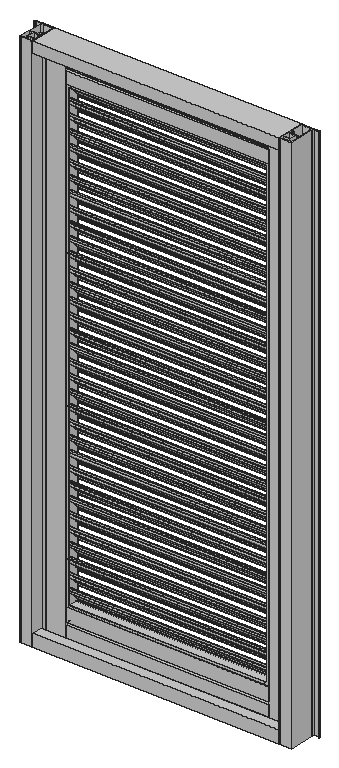
Revit family "DC_Holyoake_LouvreDoor_OHL_withOHL-F-45_13", category Doors, host Wall, Revit 2014
Parameters (values of type "OHL-Louver Door")
  Width = Opening Width - 10.00 mm  # 990.00 mm
  URL = "http://www.productspec.net/products/18508/holyoake-industries-ltd/louver-door-ohl-louver-door.aspx"
  Type Comments = "Louvre Door System"  # constant formula
  Tolerance = 3.00 mm  # constant formula
  Thickness = Door Post Depth  # 47.00 mm
  Technical Data = "http://www.productspec.net/products/18508/holyoake-industries-ltd/louver-door-ohl-louver-door.aspx"
  Structural Tolerance = 5.00 mm  # constant formula
  Rough Width = Width  # 990.00 mm
  Rough Height = Height  # 1980.00 mm
  Overall Width = Opening Width + 40.00 mm  # 1040.00 mm
  Opening Width = 1000.00 mm
  Model = "OHL - Louvre Door"  # constant formula
  Material Frame = Louver Door - Holyoake - Frame, Aluminium
  Material Handle = Louver Door - Holyoake - Handle, Stainless Steel
  Manufacturer = "Holyoake Industries Ltd"  # constant formula
  Louvre Width = Width - 2 * (Door Jamb Width + Door Post Width + 2 * Tolerance)  # 735.00 mm
  Louvre Offset = Frame Transom Width + Structural Tolerance + Door Transom Width  # 136.00 mm
  Louvre Height = Height - 2 * Louvre Offset  # 1708.00 mm
  Louvre Door Panel Width = Width - 2 * (Door Jamb Width + Tolerance)  # 895.00 mm
  Lock = "Standard Lockwood Set"  # constant formula
  Wall Closure = By host
  Height = 1980.00 mm
  Handle Z Distance = 900.00 mm
  Function = Interior
  Front of Door = "Rubber seal on the closing face"  # constant formula
  Frame Transom Width = 20.00 mm  # constant formula
  Flange Width = 25.00 mm  # constant formula
  Door Transom Width = 111.00 mm  # constant formula
  Door Post Width = 77.00 mm  # constant formula
  Door Post Depth = 47.00 mm  # constant formula
  Door Jamb Width = 44.50 mm  # constant formula
  Door Jamb Depth = 101.00 mm  # constant formula
  Door Hinge = "Stainless Steel"  # constant formula
  Door Handle Offset = Overall Width - Flange Width - Door Jamb Width - 3 * Tolerance - Door Post Width - Louvre Width - 49.05 mm  # 100.45 mm
  Description = "Holyoake Louvre Door System"  # constant formula
  Created By = "Productspec Ltd"  # constant formula
  Construction Type = "Extruded aluminium box section to provide the strength required to hang a large louvre door"  # constant formula
  Author = "Zinder Zhao"  # constant formula
Reference planes
  plane 1: y = 0
  plane 2 "Center (Left/Right)": x = 11
  plane 3 "Exterior": y = 75
  plane 4 "Interior": y = -75
  plane 5 "Opening Top": z = 1980
  plane 6 "Structural Tolerance - Door Head": z = 1955
  plane 7 "Under Cut": z = 0
  plane 8: y = 33
  plane 9: z = 990
  plane 10: z = 1960
  plane 11: z = 20
  plane 12: z = 136
  plane 13: z = 1844
  plane 14: z = 25
  plane 15: x = -489
  plane 16: x = 511
  plane 17: x = -484
  plane 18: y = -21
  plane 19: x = -439.5
  plane 20: x = -359.5
  plane 21: x = -509
  plane 22: x = 506
  plane 23: x = 461.5
  plane 24: x = 381.5
  plane 25: x = 531
  plane 26: y = 975
  plane 27: x = -356.5
  plane 28: x = 378.5
  plane 29: x = -436.5
  plane 30: x = 458.5
  plane 31 "Door Panel": y = 80
  plane 32: x = 430.55
  plane 33: y = 1075
  plane 34: z = 900
Forms (mm)
  Extrusion 1, solid, material "Louver Door - Holyoake - Frame, Aluminium" <- "Material Frame"
    sketch origin (11, -3, 0) x (0, -1, 0) y (0, 0, -1)
      loop
        line (-83, -1980) -> (18, -1980) -> (18, -1939.95) -> (-18.4, -1939.95) -> (-18.4, -1960) -> (-83, -1960) -> (-83, -1980)
      loop
        line (-83, 0) -> (-83, -20) -> (-18.4, -20) -> (-18.4, -45.05) -> (18, -45.05) -> (18, 0) -> (-83, 0)
    from -450.5 to 450.5
  Extrusion 2, solid, material "Louver Door - Holyoake - Frame, Aluminium" <- "Material Frame", detail levels fine
    sketch origin (0, 3, 0) x (1, 0, 0) y (0, 1, 0)
      loop
        line (458.5, 30) -> (458.5, 77) -> (459.593, 83.077)
        arc (459.593, 83.077) -> (460.307, 84.147) -> (461.526, 84.561) r 2.001
        line (461.526, 84.561) -> (462.853, 84.561) -> (462.853, 77) -> (468.011, 77) -> (468.011, 84.561) -> (469.34, 84.561) -> (469.34, 88.277) -> (460.45, 88.277)
        arc (460.45, 88.277) -> (459.232, 87.864) -> (458.517, 86.796) r 2.002
        line (458.517, 86.796) -> (456.827, 78.484)
        arc (456.827, 78.484) -> (456.112, 77.414) -> (454.893, 77) r 2.002
        line (454.893, 77) -> (381.5, 77) -> (381.5, 74) -> (383, 74) -> (383, 66) -> (381.5, 66) -> (381.5, 41) -> (383, 41) -> (383, 33) -> (381.5, 33) -> (381.5, 30) -> (458.5, 30)
      loop
        line (456.5, 32) -> (456.5, 75) -> (385, 75) -> (385, 64) -> (383.5, 64) -> (383.5, 43) -> (385, 43) -> (385, 32) -> (456.5, 32)
    from 25 to 1955
  Extrusion 3, solid, material "Louver Door - Holyoake - Frame, Aluminium" <- "Material Frame", detail levels fine
    sketch origin (11, 0, 0) x (0, -1, 0) y (0, 0, -1)
      loop
        line (-73, -1955) -> (-73, -1945) -> (-30.5, -1945) -> (-30.5, -1898.46) -> (-43.33, -1898.46) -> (-43.33, -1892)
        arc (-43.33, -1892) -> (-42.451, -1889.879) -> (-40.33, -1889) r 3
        line (-40.33, -1889) -> (-30.5, -1889) -> (-30.5, -1844) -> (-71.997, -1844) -> (-71.997, -1847) -> (-75, -1847) -> (-75, -1844) -> (-77, -1844) -> (-77, -1849) -> (-71.997, -1849) -> (-71.997, -1857) -> (-75, -1857) -> (-75, -1955) -> (-73, -1955)
      loop
        line (-32.5, -1943) -> (-32.5, -1926.46) -> (-59.81, -1926.46) -> (-59.81, -1900.46) -> (-73, -1900.46) -> (-73, -1943) -> (-32.5, -1943)
      loop
        line (-32.5, -1887) -> (-32.5, -1846) -> (-70, -1846) -> (-70, -1858.98) -> (-73, -1858.98) -> (-73, -1898.46) -> (-45.33, -1898.46) -> (-45.33, -1892)
        arc (-45.33, -1892) -> (-43.866, -1888.464) -> (-40.33, -1887) r 5
        line (-40.33, -1887) -> (-32.5, -1887)
      loop
        line (-32.5, -1900.46) -> (-57.81, -1900.46) -> (-57.81, -1924.46) -> (-32.5, -1924.46) -> (-32.5, -1900.46)
      loop
        line (-73, -25) -> (-75, -25) -> (-75, -123) -> (-71.997, -123) -> (-71.997, -131) -> (-77, -131) -> (-77, -136) -> (-75, -136) -> (-75, -133) -> (-71.997, -133) -> (-71.997, -136) -> (-30.5, -136) -> (-30.5, -86) -> (-40.33, -86)
        arc (-40.33, -86) -> (-42.451, -85.121) -> (-43.33, -83) r 3
        line (-43.33, -83) -> (-43.33, -76.54) -> (-30.5, -76.54) -> (-30.5, -35) -> (-73, -35) -> (-73, -25)
      loop
        line (-32.5, -37) -> (-73, -37) -> (-73, -74.54) -> (-59.81, -74.54) -> (-59.81, -48.54) -> (-32.5, -48.54) -> (-32.5, -37)
      loop
        line (-32.5, -88) -> (-40.33, -88)
        arc (-40.33, -88) -> (-43.866, -86.536) -> (-45.33, -83) r 5
        line (-45.33, -83) -> (-45.33, -76.54) -> (-73, -76.54) -> (-73, -121.02) -> (-70, -121.02) -> (-70, -134) -> (-32.5, -134) -> (-32.5, -88)
      loop
        line (-32.5, -74.54) -> (-32.5, -50.54) -> (-57.81, -50.54) -> (-57.81, -74.54) -> (-32.5, -74.54)
    from -370.5 to 370.5
  Sweep 4, solid, material "Louver Door - Holyoake - Frame, Aluminium" <- "Material Frame", detail levels fine
    path origin (0, 80, 0) x (-1, 0, 0) y (0, 0, 1)
      loop
        line (-506, 0) -> (-506, 1980)
    profile "Family1 : Family1" origin (506, 80, 990) x (-1, 0, 0) y (0, -1, 0)
      loop
        line (42.5, 61.46) -> (42.5, 85.46) -> (17.19, 85.46) -> (17.19, 61.46) -> (42.5, 61.46)
      loop
        line (42.5, 48) -> (34.67, 48)
        arc (34.67, 48) -> (31.134, 49.464) -> (29.67, 53) r 5
        line (29.67, 53) -> (29.67, 59.46) -> (2, 59.46) -> (2, 14.98) -> (5, 14.98) -> (5, 2) -> (42.5, 2) -> (42.5, 48)
      loop
        line (42.5, 99) -> (2, 99) -> (2, 61.46) -> (15.19, 61.46) -> (15.19, 87.46) -> (42.5, 87.46) -> (42.5, 99)
      loop
        line (0, 101) -> (0, 13) -> (3.003, 13) -> (3.003, 5) -> (-2, 5) -> (-2, 2) -> (-20.172, 2) -> (-22.172, 4) -> (-22.172, 5) -> (-25, 5) -> (-25, 4) -> (-21, 0) -> (0, 0) -> (0, 3) -> (3.003, 3) -> (3.003, 0) -> (44.5, 0) -> (44.5, 50) -> (34.67, 50)
        arc (34.67, 50) -> (32.549, 50.879) -> (31.67, 53) r 3
        line (31.67, 53) -> (31.67, 59.46) -> (44.5, 59.46) -> (44.5, 101) -> (0, 101)
  Sweep 5, solid, material "Louver Door - Holyoake - Frame, Aluminium", detail levels fine
    path origin (0, 80, 0) x (-1, 0, 0) y (0, 0, 1)
      loop
        line (484, 0) -> (484, 1980)
    profile "Family1 : Family1" origin (-484, 80, 990) x (-1, 0, 0) y (0, -1, 0)
      loop
        line (-42.5, 61.46) -> (-17.19, 61.46) -> (-17.19, 85.46) -> (-42.5, 85.46) -> (-42.5, 61.46)
      loop
        line (-42.5, 48) -> (-42.5, 2) -> (-5, 2) -> (-5, 14.98) -> (-2, 14.98) -> (-2, 59.46) -> (-29.67, 59.46) -> (-29.67, 53)
        arc (-29.67, 53) -> (-31.134, 49.464) -> (-34.67, 48) r 5
        line (-34.67, 48) -> (-42.5, 48)
      loop
        line (-42.5, 99) -> (-42.5, 87.46) -> (-15.19, 87.46) -> (-15.19, 61.46) -> (-2, 61.46) -> (-2, 99) -> (-42.5, 99)
      loop
        line (0, 101) -> (-44.5, 101) -> (-44.5, 59.46) -> (-31.67, 59.46) -> (-31.67, 53)
        arc (-31.67, 53) -> (-32.549, 50.879) -> (-34.67, 50) r 3
        line (-34.67, 50) -> (-44.5, 50) -> (-44.5, 0) -> (-3.003, 0) -> (-3.003, 3) -> (0, 3) -> (0, 0) -> (21, 0) -> (25, 4) -> (25, 5) -> (22.172, 5) -> (22.172, 4) -> (20.172, 2) -> (2, 2) -> (2, 5) -> (-3.003, 5) -> (-3.003, 13) -> (0, 13) -> (0, 101)
  Extrusion 6, solid, material "Louver Door - Holyoake - Frame, Aluminium" <- "Material Frame", detail levels fine
    sketch origin (22, 3, 0) x (-1, 0, 0) y (0, -1, 0)
      loop
        line (454.893, -30) -> (381.5, -30) -> (381.5, -33) -> (383, -33) -> (383, -41) -> (381.5, -41) -> (381.5, -66) -> (383, -66) -> (383, -74) -> (381.5, -74) -> (381.5, -77) -> (458.5, -77) -> (458.5, -30) -> (459.593, -23.923)
        arc (459.593, -23.923) -> (460.307, -22.853) -> (461.526, -22.439) r 2.001
        line (461.526, -22.439) -> (464.183, -22.439) -> (464.183, -21.439) -> (462.853, -21.439) -> (462.853, -19.723) -> (468.013, -19.723) -> (468.013, -21.439) -> (466.683, -21.439) -> (466.683, -22.439) -> (469.34, -22.439) -> (469.34, -18.723) -> (460.45, -18.723)
        arc (460.45, -18.723) -> (459.232, -19.136) -> (458.517, -20.204) r 2.002
        line (458.517, -20.204) -> (456.827, -28.516)
        arc (456.827, -28.516) -> (456.112, -29.586) -> (454.893, -30) r 2.002
      loop
        line (456.5, -32) -> (385, -32) -> (385, -43) -> (383.5, -43) -> (383.5, -64) -> (385, -64) -> (385, -75) -> (456.5, -75) -> (456.5, -32)
    from 25 to 1955
  Extrusion 7, solid, material "Louver Door - Holyoake - Frame, Aluminium", detail levels coarse+medium
    sketch origin (0, 0, 0) x (1, 0, 0) y (0, 1, 0)
      loop
        line (-439.5, 30.5) -> (461.5, 30.5) -> (461.5, 80) -> (-439.5, 80) -> (-439.5, 30.5)
    from 25 to 1955
  Extrusion 8, solid, material "Louver Door - Holyoake - Frame, Aluminium", detail levels coarse+medium
    sketch origin (0, 0, 0) x (1, 0, 0) y (0, 1, 0)
      loop
        line (-489, -21) -> (-439.5, -21) -> (-439.5, 80) -> (-489, 80) -> (-489, -21)
      loop
        line (461.5, -21) -> (511, -21) -> (511, 80) -> (461.5, 80) -> (461.5, -21)
    from 0 to 1980
Lines and regions (mm)
  Opening 1
    outline origin (-5000, -75, 0) x (1, 0, 0) y (0, 0, 1)
      loop
        line (4511, 0) -> (5511, 0) -> (5511, 1980) -> (4511, 1980) -> (4511, 0)
  Masking region 1, detail levels coarse
    outline origin (0, 0, 0) x (0, -1, 0) y (1, 0, 0)
      loop
        line (75, 511) -> (-80, 511) -> (-80, -489) -> (75, -489) -> (75, 511)
  model lines
    curve 1: line (-484, 75, 0) -> (-484, 75, 1955)
    curve 2: line (506, 75, 1955) -> (506, 75, 0)
  symbolic lines, style "Elevation Swing", detail levels coarse
    curve 3: arc (458.5, 80, 0) -> (196.361, 712.861, 0) -> (-436.5, 975, 0) r 895
  symbolic lines, style "DoorsPanelProjection", detail levels medium+fine
    curve 4: line (-436.5, 975, 0) -> (-436.5, 80, 0)
    curve 7: line (-436.5, 80, 0) -> (-386.9, 80, 0)
    curve 8: line (-386.9, 80, 0) -> (-386.9, 975, 0)
    curve 9: line (-386.9, 975, 0) -> (-436.5, 975, 0)
  symbolic lines, style "Plan Swing", detail levels coarse
    curve 5: line (-489, 75, 0) -> (-489, 1075, 0)
    curve 6: arc (511, 75, 0) -> (218.107, 782.107, 0) -> (-489, 1075, 0) r 1000
  symbolic lines, style "Elevation Swing"
    curve 10: line (458.517, 80, 1955) -> (-356.5, 80, 990)
    curve 11: line (458.517, 80, 25) -> (-356.5, 80, 990)
Text (mm)
  text "Exterior" at (-2302.997, 772.319, 0), in view "Ref. Level"
  text "Exterior" at (0, 1615.38, 3698.081), in view "Left"
  text "Exterior" at (0, 1036.032, 3874.932), in view "Right"
Dimensions and locks
  locked: plane 3 "Exterior" to host wall at 0
  locked: host wall to plane 4 "Interior"
  "Height": plane 5 "Opening Top" to level
  equal spacing: plane 5 "Opening Top", plane 9, level
  "Structural Tolerance": plane 10 to plane 6 "Structural Tolerance - Door Head"
  "Structural Tolerance": plane 14 to plane 11
  "Door Transom Width": plane 12 to plane 14
  "Door Transom Width": plane 6 "Structural Tolerance - Door Head" to plane 13
  "Frame Transom Width": plane 11 to plane 7 "Under Cut"
  "Louvre Height": plane 13 to plane 12
  "Structural Tolerance": plane 15 to plane 17
  "Width": plane 17 to plane 22
  "Opening Width": plane 15 to plane 16
  "Overall Width": plane 21 to plane 25
  "Flange Width": plane 21 to plane 17
  "Tolerance": plane 20 to plane 27
  "Tolerance": plane 28 to plane 24
  "Tolerance": plane 19 to plane 29
  "Tolerance": plane 30 to plane 23
  equal spacing: plane 27, plane 2 "Center (Left/Right)", plane 28
  "Louvre Width": plane 27 to plane 28
  "Door Post Width": plane 24 to plane 30
  "Door Post Width": plane 29 to plane 20
  "Door Jamb Depth": plane 18 to plane 31 "Door Panel"
  "Door Jamb Width": plane 17 to plane 19
  "Louvre Door Panel Width": plane 31 "Door Panel" to plane 26
  "Door Handle Offset": plane 32 to plane 25
  "Opening Width": plane 33 to host wall
  "Handle Z Distance": plane 7 "Under Cut" to plane 34
  locked: plane 3 "Exterior" to plane 31 "Door Panel" at 5
  "Door Post Depth": plane 8 to plane 31 "Door Panel"
  "Louvre Door Panel Width": radius of curve 3
  "Opening Width": radius of curve 6
  aligned and locked: plane 1 to host wall
  aligned and locked: level to plane 7 "Under Cut"
  aligned and locked: nested 1 to plane 31 "Door Panel"
  aligned and locked: Extrusion 2 to plane 30
  aligned and locked: plane 24 to Extrusion 2
  aligned and locked: plane 31 "Door Panel" to Extrusion 2
  aligned and locked: nested 1 to plane 32
  aligned and locked: plane 23 to Extrusion 1
  aligned and locked: plane 19 to Extrusion 1
  aligned and locked: Extrusion 1 sketch curve to plane 18
  aligned and locked: plane 31 "Door Panel" to Extrusion 1 sketch curve
  aligned and locked: Extrusion 1 sketch curve to plane 31 "Door Panel"
  aligned and locked: plane 18 to Extrusion 1 sketch curve
  aligned and locked: Extrusion 3 to plane 20
  aligned and locked: Extrusion 3 to plane 24
  aligned and locked: Masking region 1 sketch curve to Extrusion 1
  aligned and locked: plane 6 "Structural Tolerance - Door Head" to Extrusion 2
  aligned and locked: plane 34 to nested 1
  aligned and locked: plane 8 to Extrusion 2
  aligned and locked: plane 22 to Sweep 4 sketch curve
  aligned and locked: Sweep 5 sketch curve to plane 17
  aligned and locked: plane 5 "Opening Top" to Sweep 5 sketch curve
  aligned and locked: level to Sweep 5 sketch curve
  aligned and locked: plane 5 "Opening Top" to Sweep 4 sketch curve
  aligned and locked: level to Sweep 4 sketch curve
  aligned and locked: Extrusion 2 to plane 14
  aligned and locked: Extrusion 7 sketch curve to plane 31 "Door Panel"
  aligned and locked: Masking region 1 to plane 15
  aligned and locked: plane 16 to Masking region 1
  aligned and locked: Extrusion 7 sketch curve to plane 19
  aligned and locked: Extrusion 7 sketch curve to plane 23
  aligned and locked: plane 18 to Extrusion 8 sketch curve  (x2)
  aligned and locked: plane 19 to Extrusion 8 sketch curve
  aligned and locked: Extrusion 8 sketch curve to plane 31 "Door Panel"  (x2)
  aligned and locked: plane 23 to Extrusion 8 sketch curve
  aligned and locked: Extrusion 8 to level
  aligned and locked: plane 5 "Opening Top" to Extrusion 8
  aligned and locked: host wall to Masking region 1
  aligned and locked: Extrusion 8 sketch curve to plane 15
  aligned and locked: plane 16 to Extrusion 8 sketch curve
  aligned and locked: Extrusion 7 to plane 14
  aligned and locked: plane 6 "Structural Tolerance - Door Head" to Extrusion 7
  aligned and locked: Extrusion 7 sketch curve to Extrusion 3
  aligned and locked: plane 6 "Structural Tolerance - Door Head" to Extrusion 6
Automatic sketch dimensions
  curve 5 to host wall = 0.00 mm
  curve 5 to plane 15 = 0.00 mm
  curve 4 to plane 26 = 0.00 mm
  curve 4 to plane 29 = 0.00 mm
  curve 7 to plane 31 "Door Panel" = 0.00 mm
  curve 6 to host wall = 0.00 mm
  plane 20 to curve 7 = 27.40 mm
  Opening 1 sketch curve to plane 5 "Opening Top" = 0.00 mm
  Opening 1 sketch curve to plane 15 = 0.00 mm
  Opening 1 sketch curve to plane 16 = 0.00 mm
  Opening 1 sketch curve to level = 0.00 mm
  Extrusion 1 sketch curve to plane 10 = 0.00 mm
  Extrusion 1 sketch curve to plane 11 = 0.00 mm
  Extrusion 1 sketch curve to level = 0.00 mm
  Extrusion 1 sketch curve to plane 5 "Opening Top" = 0.00 mm
  host wall to Extrusion 1 sketch curve = 15.40 mm  (x2)
  Extrusion 1 sketch curve to plane 14 = 20.05 mm
  plane 6 "Structural Tolerance - Door Head" to Extrusion 1 sketch curve = 15.05 mm
  Extrusion 2 sketch curve to plane 24 = 0.00 mm  (x3)
  Extrusion 2 sketch curve to plane 8 = 0.00 mm
  Extrusion 2 sketch curve to plane 31 "Door Panel" = 0.00 mm  (x3)
  Extrusion 2 sketch curve to plane 30 = 0.00 mm
  Extrusion 2 sketch curve to Extrusion 2 sketch curve = 1.50 mm  (x3)
  Extrusion 2 sketch curve to plane 24 = 2.00 mm
  Extrusion 2 sketch curve to Extrusion 2 sketch curve = 2.00 mm  (x3)
  plane 30 to Extrusion 2 sketch curve = 3.607 mm
  plane 30 to Extrusion 2 sketch curve = 2.00 mm
  plane 30 to Extrusion 2 sketch curve = 1.673 mm
  Extrusion 2 sketch curve to plane 30 = 0.017 mm
  Extrusion 2 sketch curve to plane 30 = 1.093 mm
  Extrusion 2 sketch curve to plane 23 = 1.05 mm
  plane 23 to Extrusion 2 sketch curve = 0.026 mm
  Extrusion 2 sketch curve to Extrusion 2 sketch curve = 1.327 mm
  Extrusion 2 sketch curve to Extrusion 2 sketch curve = 5.158 mm
  Extrusion 2 sketch curve to Extrusion 2 sketch curve = 1.328 mm
  plane 31 "Door Panel" to Extrusion 2 sketch curve = 1.484 mm
  plane 31 "Door Panel" to Extrusion 2 sketch curve = 5.559 mm
  Extrusion 2 sketch curve to Extrusion 2 sketch curve = 0.517 mm
  Extrusion 2 sketch curve to Extrusion 2 sketch curve = 0.00 mm
  Extrusion 2 sketch curve to Extrusion 2 sketch curve = 1.714 mm
  Extrusion 2 sketch curve to Extrusion 2 sketch curve = 0.52 mm
  Extrusion 2 sketch curve to plane 31 "Door Panel" = 2.00 mm
  Extrusion 2 sketch curve to host wall = 2.00 mm
  host wall to Extrusion 2 sketch curve = 6.00 mm
  plane 8 to Extrusion 2 sketch curve = 13.00 mm
  plane 8 to Extrusion 2 sketch curve = 3.00 mm
  plane 8 to Extrusion 2 sketch curve = 2.00 mm
  Extrusion 3 sketch curve to Extrusion 3 sketch curve = 0.00 mm  (x8)
  Extrusion 3 sketch curve to plane 12 = 0.00 mm  (x2)
  Extrusion 3 sketch curve to plane 13 = 0.00 mm  (x2)
  Extrusion 3 sketch curve to host wall = 0.00 mm  (x4)
  Extrusion 3 sketch curve to plane 14 = 0.00 mm
  Extrusion 3 sketch curve to plane 6 "Structural Tolerance - Door Head" = 0.00 mm
  Extrusion 3 sketch curve to host wall = 2.00 mm  (x2)
  host wall to Extrusion 3 sketch curve = 2.00 mm  (x4)
  Extrusion 3 sketch curve to Extrusion 3 sketch curve = 1.003 mm
  Extrusion 3 sketch curve to Extrusion 3 sketch curve = 3.003 mm
  Extrusion 3 sketch curve to Extrusion 3 sketch curve = 1.997 mm  (x2)
  Extrusion 3 sketch curve to Extrusion 3 sketch curve = 13.19 mm  (x2)
  Extrusion 3 sketch curve to Extrusion 3 sketch curve = 2.00 mm  (x16)
  plane 8 to Extrusion 3 sketch curve = 12.33 mm  (x2)
  Extrusion 3 sketch curve to Extrusion 3 sketch curve = 3.00 mm  (x2)
  Extrusion 3 sketch curve to plane 8 = 0.50 mm  (x6)
  Extrusion 3 sketch curve to plane 8 = 2.50 mm  (x2)
  Extrusion 3 sketch curve to plane 13 = 2.00 mm
  Extrusion 3 sketch curve to Extrusion 3 sketch curve = 10.00 mm
  Extrusion 3 sketch curve to Extrusion 3 sketch curve = 11.54 mm
  Extrusion 3 sketch curve to Extrusion 3 sketch curve = 24.00 mm  (x3)
  Extrusion 3 sketch curve to Extrusion 3 sketch curve = 6.46 mm  (x3)
  plane 12 to Extrusion 3 sketch curve = 14.98 mm
  Extrusion 3 sketch curve to Extrusion 3 sketch curve = 1.98 mm  (x2)
  plane 12 to Extrusion 3 sketch curve = 5.00 mm
  plane 12 to Extrusion 3 sketch curve = 2.00 mm
  Extrusion 3 sketch curve to Extrusion 3 sketch curve = 1.00 mm
  Extrusion 3 sketch curve to Extrusion 3 sketch curve = 8.00 mm
  Extrusion 3 sketch curve to Extrusion 3 sketch curve = 41.00 mm
  plane 6 "Structural Tolerance - Door Head" to Extrusion 3 sketch curve = 12.00 mm
  Masking region 1 sketch curve to host wall = 0.00 mm
  Masking region 1 sketch curve to plane 15 = 0.00 mm
  Masking region 1 sketch curve to plane 16 = 0.00 mm
  curve 1 to plane 6 "Structural Tolerance - Door Head" = 0.00 mm
  curve 1 to plane 17 = 0.00 mm
  curve 2 to level = 0.00 mm
  curve 2 to plane 22 = 0.00 mm
  curve 1 to level = 0.00 mm
  curve 2 to plane 6 "Structural Tolerance - Door Head" = 0.00 mm
  Extrusion 6 sketch curve to plane 20 = 0.00 mm  (x3)
  Extrusion 6 sketch curve to plane 8 = 0.00 mm  (x2)
  Extrusion 6 sketch curve to plane 29 = 0.00 mm
  Extrusion 6 sketch curve to plane 31 "Door Panel" = 0.00 mm
  Extrusion 6 sketch curve to Extrusion 6 sketch curve = 1.50 mm  (x2)
  plane 20 to Extrusion 6 sketch curve = 2.00 mm
  Extrusion 6 sketch curve to Extrusion 6 sketch curve = 2.00 mm  (x4)
  Extrusion 6 sketch curve to Extrusion 6 sketch curve = 3.607 mm
  plane 29 to Extrusion 6 sketch curve = 2.00 mm
  plane 29 to Extrusion 6 sketch curve = 1.673 mm
  Extrusion 6 sketch curve to plane 29 = 0.017 mm
  Extrusion 6 sketch curve to plane 29 = 1.093 mm
  plane 19 to Extrusion 6 sketch curve = 1.05 mm
  Extrusion 6 sketch curve to plane 19 = 0.026 mm
  Extrusion 6 sketch curve to plane 19 = 1.353 mm
  Extrusion 6 sketch curve to Extrusion 6 sketch curve = 1.33 mm  (x2)
  Extrusion 6 sketch curve to Extrusion 6 sketch curve = 2.50 mm
  Extrusion 6 sketch curve to Extrusion 6 sketch curve = 1.327 mm
  plane 31 "Door Panel" to Extrusion 6 sketch curve = 2.00 mm
  host wall to Extrusion 6 sketch curve = 2.00 mm
  Extrusion 6 sketch curve to host wall = 6.00 mm
  Extrusion 6 sketch curve to plane 8 = 13.00 mm
  Extrusion 6 sketch curve to plane 8 = 3.00 mm
  Extrusion 6 sketch curve to plane 8 = 2.00 mm
  plane 8 to Extrusion 6 sketch curve = 1.484 mm
  plane 8 to Extrusion 6 sketch curve = 5.559 mm
  Extrusion 6 sketch curve to Extrusion 6 sketch curve = 0.517 mm
  Extrusion 6 sketch curve to Extrusion 6 sketch curve = 0.00 mm
  Extrusion 6 sketch curve to Extrusion 6 sketch curve = 1.00 mm  (x3)
  Extrusion 6 sketch curve to Extrusion 6 sketch curve = 1.714 mm
  Extrusion 6 sketch curve to Extrusion 6 sketch curve = 0.52 mm
  curve 11 to plane 14 = 0.00 mm
  curve 10 to plane 6 "Structural Tolerance - Door Head" = 0.00 mm
  curve 11 to plane 9 = 0.00 mm
  curve 11 to plane 27 = 0.00 mm
  curve 10 to plane 30 = 0.017 mm
  curve 11 to plane 30 = 0.017 mm
Nested families
  nested 1: "Handle (4)" at (430.55, 80, 900) x (-1, 0, 0) z (0, 0, 1), type "Handle (4)", detail levels medium+fine
  nested 2: "Holyoake_OutsideLouvre_OHL-F-45_supply" at (14, 84.7, 136), built-in parameter 1001364 <- "Louvre Offset", type "OHL-F-45"
    with Overall Opening 1705.40 mm, Nominal Height 1714.00 mm, Exact Overall Flange Height 1756.20 mm, Exact Neck Height 1708.00 mm, Top Blade Height 55.40 mm, Blade Cut Setout 1650.00 mm, Blade Count 33, Blade Array Count 34.108
Definition of nested family "Handle (4)"
  Parameters (values of type "Handle (4)")
    Material Ironmongery = Louver Door - Holyoake - Handle, Stainless Steel
    Handle/Panel Offset = 50.00 mm
    Handle Z Distance = 0.00 mm
    Handle X Distance = 75.00 mm
    Handle Radius = 10.00 mm
    Handle Length = 200.00 mm
    Handle Spindle Offset = 20.00 mm
    Assembly Code = ""
  Reference planes
    plane 1 "Center (Front/Back)": y = 0
    plane 2: z = 0
    plane 3 "C/L Handel": x = 0
    plane 4: z = 0
    plane 5: z = 100
    plane 6: z = -100
    plane 7: z = 80
    plane 8: z = -80
    plane 9 "Center (Left/Right)": x = -75
    plane 10: y = 50
  Forms (mm)
    Extrusion 1, solid, material "Louver Door - Holyoake - Handle, Stainless Steel" <- "Material Ironmongery"
      sketch origin (0, 0, 0) x (1, 0, 0) y (0, 0, 1)
        loop
          circle (0, 80) r 10
        loop
          circle (0, -80) r 10
      from 0 to -50
    Revolve 2, solid, material "Louver Door - Holyoake - Handle, Stainless Steel" <- "Material Ironmongery"
      sketch origin (0, 50, 0) x (1, 0, 0) y (0, 0, 1)
        loop
          line (0, 100) -> (-10, 100) -> (-10, 94) -> (-8.032, 94) -> (-8.032, 89.765) -> (-10, 89.765) -> (-10, -89.765) -> (-8.032, -89.765) -> (-8.032, -94) -> (-10, -94) -> (-10, -100) -> (0, -100) -> (0, 100)
        axis (0, -100) -> (0, 100)
      angle from 0 to 360
  Dimensions and locks
    "Handle Z Distance": plane 4 to level
    equal spacing: plane 5, plane 4, plane 6
    "Handle Length": plane 5 to plane 6
    "Handle Spindle Offset": plane 5 to plane 7
    "Handle Spindle Offset": plane 8 to plane 6
    "Handle X Distance": plane 9 "Center (Left/Right)" to plane 3 "C/L Handel"
    "Handle/Panel Offset": plane 10 to plane 1 "Center (Front/Back)"
    "Handle Radius": plane 3 "C/L Handel" to Revolve 2 sketch curve
    "Handle Radius": radius of Extrusion 1 sketch curve  (x2)
    aligned and locked: plane 10 to Extrusion 1
    aligned and locked: Extrusion 1 to plane 1 "Center (Front/Back)"
  Automatic sketch dimensions
    Extrusion 1 sketch curve to plane 3 "C/L Handel" = 0.00 mm  (x2)
    Extrusion 1 sketch curve to plane 8 = 0.00 mm
    Extrusion 1 sketch curve to plane 7 = 0.00 mm
    Revolve 2 sketch curve to plane 6 = 0.00 mm
    Revolve 2 sketch curve to plane 3 "C/L Handel" = 0.00 mm  (x2)
    Revolve 2 sketch curve to plane 5 = 0.00 mm
    Revolve 2 sketch curve to Revolve 2 sketch curve = 0.00 mm  (x2)
    Revolve 2 sketch curve to Revolve 2 sketch curve = 1.968 mm  (x2)
    plane 6 to Revolve 2 sketch curve = 25.00 mm
    Revolve 2 sketch curve to plane 6 = 6.00 mm
    Revolve 2 sketch curve to Revolve 2 sketch curve = 4.235 mm  (x2)
    Revolve 2 sketch curve to Revolve 2 sketch curve = 10.235 mm
    Revolve 2 sketch curve to plane 5 = 45.00 mm
Definition of nested family "Holyoake_OutsideLouvre_OHL-F-45_supply"
  Parameters (values of type "OHL-F-45")
    URL = "http://www.productspec.net/products/18503/holyoake-industries-ltd/small-blade-outside-horizontal-louvers-ohl-45.aspx"
    Type Comments = "45mm Horizontal Curved Profile Louvers in Flanged Surround"
    Technical Data = "http://www.collate.co.nz/nas/TechnicalFiles/2367/p18502/F6-F7%20OHL45%2034.pdf"
    Ownership = "Holyoake Industries Limited"
    Overall Opening = Exact Neck Height - 2.60 mm  # 1125.40 mm
    Louver Depth = 51.70 mm
    Nominal Width = 741.00 mm
    Nominal Height = 1134.00 mm
    Model = "OHL-F-45"
    Manufacturer = "Holyoake Industries Limited"
    Keynote = ""
    Flange Width = 25.40 mm
    Flange Thickness = 4.70 mm
    Exact Overall Flange Height = Nominal Height + 42.20 mm  # 1176.20 mm
    Exact Overall Flange Width = Nominal Width + 42.20 mm  # 783.20 mm
    Exact Neck Width = Nominal Width - 6.00 mm  # 735.00 mm
    Exact Neck Height = Nominal Height - 6.00 mm  # 1128.00 mm
    Description = "Holyoake Outside Horizontal Louver"
    Created By = "Productspec Limited"
    Frame & Blades = none
    Top Blade Height = Overall Opening - Blade Cut Setout  # 25.40 mm
    Blade Width = 44.80 mm
    Blade Pitch = 50.00 mm
    Blade Offset = (Louver Depth - Blade Width) / 2  # 3.45 mm
    Blade Length = Exact Neck Width - 2.60 mm  # 732.40 mm
    Blade Height = 61.60 mm
    Blade Cut Setout = Blade Count * Blade Pitch  # 1100.00 mm
    Blade Count = Blade Array Count - 1  # 22
    Blade Array Count = Overall Opening / Blade Pitch  # 22.508
    Author = "Zinder Zhao"
    Assembly Code = ""
    Accessories = "Aluminium Bird mesh or insect mesh (fibreglass)"
  Reference planes
    plane 1 "Center (Front/Back)": y = 0
    plane 2: z = 1.3
    plane 3 "Center (Left/Right)": x = -3
    plane 4: x = -369.2
    plane 5: x = 363.2
    plane 6 "Overall Opening": z = 1126.7
    plane 7: y = 51.7
    plane 8: z = 51.3
    plane 9: y = 3.45
    plane 10: y = 4.7
    plane 11: x = -370.5
    plane 12: x = 364.5
    plane 13: x = -394.6
    plane 14: x = 388.6
    plane 15: x = 367.5
    plane 16: x = -373.5
    plane 17: z = -24.1
    plane 18: z = 1152.1
    plane 19: z = 1128
    plane 20: z = -3
    plane 21: z = 1131
    plane 22: z = 62.9
    plane 23 "Cut Blade Setout": z = 1101.3
    plane 24: y = 48.25
    plane 25: z = 564
    plane 26: z = 0
  Forms (mm)
    Sweep 1, solid, material <- "Frame & Blades", detail levels medium+fine
      path origin (0, 0, 0) x (1, 0, 0) y (0, 0, 1)
        loop
          line (363.2, 1.3) -> (363.2, 1126.7) -> (-369.2, 1126.7) -> (-369.2, 1.3) -> (363.2, 1.3)
      profile "Holyoake_OutsideLouvre_OHL-45_Flange_profile : OHL-45 Flange Profile" origin (363.2, 0, 564) x (-1, 0, 0) y (0, -1, 0)
        loop
          line (-25.4, -4.7) -> (-21.359, -4.7) -> (-19.1, -1.6) -> (-19.1, -4.7) -> (-16.95, -4.7)
          arc (-16.95, -4.7) -> (-16.3, -4.05) -> (-16.95, -3.4) r 0.65
          line (-16.95, -3.4) -> (-17.9, -3.4) -> (-17.9, -1.6) -> (-3.5, -1.6) -> (-3.5, -3.4) -> (-4.45, -3.4)
          arc (-4.45, -3.4) -> (-5.1, -4.05) -> (-4.45, -4.7) r 0.65
          line (-4.45, -4.7) -> (-3.09, -4.7) -> (-1.3, -1.6) -> (-1.3, -51.7) -> (5.7, -51.7) -> (5.7, -50.1) -> (0, -50.1) -> (0, -1.739) -> (-1.004, 0) -> (-22.686, 0) -> (-25.4, -4.7)
    Extrusion 2, solid, material <- "Frame & Blades", detail levels coarse+medium
      sketch origin (0, 0, 0) x (1, 0, 0) y (0, 1, 0)
        loop
          line (-370.5, 51.7) -> (-370.5, 0) -> (364.5, 0) -> (364.5, 51.7) -> (-370.5, 51.7)
      from 0 to 1128
  Dimensions and locks
    equal spacing: plane 11, plane 3 "Center (Left/Right)", plane 12
    "Exact Neck Width": plane 11 to plane 12
    "Nominal Width": plane 16 to plane 15
    "Exact Overall Flange Width": plane 13 to plane 14
    "Louver Depth": plane 1 "Center (Front/Back)" to plane 7
    "Flange Thickness": plane 1 "Center (Front/Back)" to plane 10
    "Blade Offset": plane 9 to plane 1 "Center (Front/Back)"
    locked: plane 11 to plane 4 at 1.3
    locked: plane 16 to plane 11 at 3
    "Blade Length": plane 4 to plane 5
    "Overall Opening": plane 6 "Overall Opening" to plane 2
    locked: plane 19 to plane 6 "Overall Opening" at 1.3
    locked: plane 21 to plane 19 at 3
    equal spacing: group 1, group 2, group 3, group 4, group 5, group 6, group 7, group 8, group 9, group 10, group 11, group 12, group 13, group 14, group 15, group 16, group 17, group 18, group 19, group 20, group 21, group 22  (x3)
    "Flange Width": plane 13 to plane 4
    "Blade Cut Setout": plane 23 "Cut Blade Setout" to plane 2
    "Blade Height": plane 22 to plane 2
    "Blade Width": plane 24 to plane 9
    "Blade Pitch": plane 8 to plane 2
    equal spacing: plane 19, plane 25, plane 26
    "Exact Neck Height": plane 19 to plane 26
    "Nominal Height": plane 21 to plane 20
    "Exact Overall Flange Height": plane 18 to plane 17
    "Flange Width": plane 18 to plane 6 "Overall Opening"
    aligned and locked: Sweep 1 sketch curve to plane 4
    aligned and locked: plane 5 to Sweep 1 sketch curve
    aligned and locked: Sweep 1 to plane 5  (x2)
    aligned and locked: plane 4 to Sweep 1  (x2)
    aligned and locked: Sweep 1 to plane 6 "Overall Opening"
    aligned and locked: plane 2 to Sweep 1
    aligned and locked: plane 3 "Center (Left/Right)" to nested 1
    aligned and locked: plane 3 "Center (Left/Right)" to nested 6
    aligned and locked: Sweep 1 to plane 7
    aligned and locked: plane 24 to nested 5
    aligned and locked: nested 1 to plane 24
    aligned and locked: nested 1 to nested 1
    aligned and locked: nested 2 to nested 2
    aligned and locked: nested 3 to nested 3
    aligned and locked: nested 4 to nested 4
    aligned and locked: nested 5 to nested 5
    aligned and locked: nested 6 to plane 23 "Cut Blade Setout"  (x2)
    aligned and locked: nested 5 to nested 6
    aligned and locked: nested 6 to plane 6 "Overall Opening"
    aligned and locked: nested 6 to nested 6
    aligned and locked: plane 22 to nested 1
    aligned and locked: nested 2 to plane 8
    aligned and locked: plane 19 to Sweep 1
    aligned and locked: plane 6 "Overall Opening" to Sweep 1 sketch curve
    aligned and locked: nested 7 to nested 7
    aligned and locked: nested 5 to plane 24
    aligned and locked: nested 4 to plane 24
    aligned and locked: nested 3 to plane 24
    aligned and locked: nested 2 to plane 24
    aligned and locked: nested 8 to nested 8
    aligned and locked: nested 9 to nested 9
    aligned and locked: nested 10 to nested 10
    aligned and locked: Extrusion 2 sketch curve to Sweep 1  (x2)
    aligned and locked: plane 1 "Center (Front/Back)" to Extrusion 2 sketch curve
    aligned and locked: Extrusion 2 sketch curve to plane 12
    aligned and locked: Extrusion 2 to plane 26
    aligned and locked: plane 19 to Extrusion 2
    aligned and locked: nested 11 to nested 11
    aligned and locked: nested 12 to nested 12
    aligned and locked: nested 13 to nested 13
    aligned and locked: nested 14 to nested 14
    aligned and locked: nested 15 to nested 15
    aligned and locked: nested 16 to nested 16
    aligned and locked: nested 17 to nested 17
    aligned and locked: nested 18 to nested 18
    aligned and locked: nested 19 to nested 19
    aligned and locked: nested 20 to nested 20
    aligned and locked: nested 21 to nested 21
    aligned and locked: nested 22 to nested 22
    aligned and locked: nested 23 to nested 23
  Automatic sketch dimensions
    Sweep 1 sketch curve to plane 2 = 0.00 mm
  Nested families
    nested 1: "Holyoake_OutsideLouvre_OHL-45_Blade" at (-3, 3.45, 1.3), type "OHL-45 Blade"
      with Length 732.40 mm
    nested 2: "Holyoake_OutsideLouvre_OHL-45_Blade" at (-3, 3.45, 51.3), type "OHL-45 Blade"
      with Length 732.40 mm
    nested 3: "Holyoake_OutsideLouvre_OHL-45_Blade" at (-3, 3.45, 101.3), type "OHL-45 Blade"
      with Length 732.40 mm
    nested 4: "Holyoake_OutsideLouvre_OHL-45_Blade" at (-3, 3.45, 151.3), type "OHL-45 Blade"
      with Length 732.40 mm
    nested 5: "Holyoake_OutsideLouvre_OHL-45_Blade" at (-3, 3.45, 201.3), type "OHL-45 Blade"
      with Length 732.40 mm
    nested 6: "Holyoake_OutsideLouvre_OHL-45_BladeCutted" at (-3, 3.45, 1101.3), type "OHL-45 BladeCutted"
      with Length 732.40 mm, Blade Cut Setout 25.40 mm
    nested 7: "Holyoake_OutsideLouvre_OHL-45_Blade" at (-3, 3.45, 251.3), type "OHL-45 Blade"
      with Length 732.40 mm
    nested 8: "Holyoake_OutsideLouvre_OHL-45_Blade" at (-3, 3.45, 301.3), type "OHL-45 Blade"
      with Length 732.40 mm
    nested 9: "Holyoake_OutsideLouvre_OHL-45_Blade" at (-3, 3.45, 351.3), type "OHL-45 Blade"
      with Length 732.40 mm
    nested 10: "Holyoake_OutsideLouvre_OHL-45_Blade" at (-3, 3.45, 401.3), type "OHL-45 Blade"
      with Length 732.40 mm
    nested 11: "Holyoake_OutsideLouvre_OHL-45_Blade" at (-3, 3.45, 451.3), type "OHL-45 Blade"
      with Length 732.40 mm
    nested 12: "Holyoake_OutsideLouvre_OHL-45_Blade" at (-3, 3.45, 501.3), type "OHL-45 Blade"
      with Length 732.40 mm
    nested 13: "Holyoake_OutsideLouvre_OHL-45_Blade" at (-3, 3.45, 551.3), type "OHL-45 Blade"
      with Length 732.40 mm
    nested 14: "Holyoake_OutsideLouvre_OHL-45_Blade" at (-3, 3.45, 601.3), type "OHL-45 Blade"
      with Length 732.40 mm
    nested 15: "Holyoake_OutsideLouvre_OHL-45_Blade" at (-3, 3.45, 651.3), type "OHL-45 Blade"
      with Length 732.40 mm
    nested 16: "Holyoake_OutsideLouvre_OHL-45_Blade" at (-3, 3.45, 701.3), type "OHL-45 Blade"
      with Length 732.40 mm
    nested 17: "Holyoake_OutsideLouvre_OHL-45_Blade" at (-3, 3.45, 751.3), type "OHL-45 Blade"
      with Length 732.40 mm
    nested 18: "Holyoake_OutsideLouvre_OHL-45_Blade" at (-3, 3.45, 801.3), type "OHL-45 Blade"
      with Length 732.40 mm
    nested 19: "Holyoake_OutsideLouvre_OHL-45_Blade" at (-3, 3.45, 851.3), type "OHL-45 Blade"
      with Length 732.40 mm
    nested 20: "Holyoake_OutsideLouvre_OHL-45_Blade" at (-3, 3.45, 901.3), type "OHL-45 Blade"
      with Length 732.40 mm
    nested 21: "Holyoake_OutsideLouvre_OHL-45_Blade" at (-3, 3.45, 951.3), type "OHL-45 Blade"
      with Length 732.40 mm
    nested 22: "Holyoake_OutsideLouvre_OHL-45_Blade" at (-3, 3.45, 1001.3), type "OHL-45 Blade"
      with Length 732.40 mm
    nested 23: "Holyoake_OutsideLouvre_OHL-45_Blade" at (-3, 3.45, 1051.3), type "OHL-45 Blade"
      with Length 732.40 mm
  Connectors
    hvac at (-3, 51.7, 564), driven by "Exact Neck Height", driven by "Exact Neck Width"
      settings: on Sweep 1, index 1, duct flow 0.0 L/s, flow factor 0, pres drop 0.0 Pa, loss coef 0, conn angle 0.00°, conn width 735 mm, conn height 1128 mm, conn diameter 600 mm, duct sys type 1, conn prof type 1, flow config 0, flow direction 1, loss method 0, conn ref index -1, conn util no, is conn primary yes, conn desc "In"
  Definition of nested family "Holyoake_OutsideLouvre_OHL-45_Blade"
    Parameters (values of type "Holyoake_OutsideLouvre_OHL-34_Blade")
      URL = "http://www.holyoake.co.nz/407.0.html"
      Type Comments = "Outside Louvre Blade"
      Ownership = "Holyoake lndustries Limited"
      Model = "OHL-34 Blade"
      Manufacturer = "Holyoake lndustries Limited"
      Created by = "Productspec Limited"
      Length = 500.00 mm
      Blade = Paint - Grey
      Width = 44.80 mm
      Height = 61.60 mm
      Author = "Zinder Zhao"
      Assembly Code = ""
    Types (2, lengths in mm): name | Model | Length | Blade
      Holyoake_OutsideLouvre_OHL-34_Blade | "OHL-34 Blade" | 500.00 | Paint - Grey
      OHL-45 Blade | "OHL-45 Blade" | 397.40 | none
    Reference planes
      plane 1 "Center (Front/Back)": y = 0
      plane 2: z = 0
      plane 3 "Center (Left/Right)": x = 0
      plane 4: z = 61.6
      plane 5: x = 250
      plane 6: x = -250
      plane 7: y = 44.8
    Forms (mm)
      Sweep 1, solid, material "Paint - Grey" <- "Blade", detail levels fine
        path origin (0, 0, 0) x (1, 0, 0) y (0, 1, 0)
          loop
            line (-250, 0) -> (250, 0)
        profile "Holyoake_OutsideLouvre_OHL-45_Blade_profile : OHL- 45 Blade Profile" origin (0, 0, 0) x (0, 1, 0) y (0, 0, 1)
          loop
            line (0, 0.917) -> (0.917, 0) -> (2.756, 0) -> (1.3, 1.456) -> (1.3, 7.215)
            arc (1.3, 7.215) -> (10.573, 15.076) -> (17.749, 24.889) r 51.6
            arc (17.749, 24.889) -> (26.632, 34.09) -> (38.24, 39.461) r 34.8
            arc (38.24, 39.461) -> (40.016, 43.169) -> (36.8, 45.73) r 3.3
            arc (36.8, 45.73) -> (35.071, 46.725) -> (35.062, 48.719) r 2
            arc (35.062, 48.719) -> (39.684, 52.028) -> (44.8, 54.507) r 33.5
            line (44.8, 54.507) -> (44.8, 60.68) -> (43.88, 61.6) -> (42.042, 61.6) -> (43.5, 60.142) -> (43.5, 55.388)
            arc (43.5, 55.388) -> (38.55, 52.861) -> (34.066, 49.577) r 34.8
            arc (34.066, 49.577) -> (33.886, 46.182) -> (36.8, 44.43) r 3.3
            arc (36.8, 44.43) -> (38.736, 42.934) -> (37.775, 40.684) r 2
            arc (37.775, 40.684) -> (25.799, 35.093) -> (16.638, 25.566) r 36.1
            arc (16.638, 25.566) -> (9.399, 15.725) -> (0, 7.919) r 50.3
            line (0, 7.919) -> (0, 0.917)
    Dimensions and locks
      "Length": plane 6 to plane 5
      equal spacing: plane 6, plane 3 "Center (Left/Right)", plane 5
      "Height": plane 4 to plane 2
      "Width": plane 7 to plane 1 "Center (Front/Back)"
      aligned and locked: plane 1 "Center (Front/Back)" to Sweep 1 sketch curve
      aligned and locked: level to plane 2
      aligned and locked: Sweep 1 to plane 7
      aligned and locked: plane 1 "Center (Front/Back)" to Sweep 1
      aligned and locked: plane 4 to Sweep 1
      aligned and locked: Sweep 1 to plane 2
    Automatic sketch dimensions
      Sweep 1 sketch curve to plane 6 = 0.00 mm
      Sweep 1 sketch curve to plane 5 = 0.00 mm
  Definition of nested family "Holyoake_OutsideLouvre_OHL-45_BladeCutted"
    Parameters (values of type "OHL-45 BladeCutted")
      URL = "http://www.holyoake.co.nz/407.0.html"
      Type Comments = "Outside Louvre Blade"
      Ownership = "Holyoake lndustries Limited"
      Model = "OHL-45 Blade"
      Manufacturer = "Holyoake lndustries Limited"
      Created by = "Productspec Limited"
      Length = 397.40 mm
      Blade Cut Setout = 47.40 mm
      Blade = none
      Width = 44.80 mm
      Height = 61.60 mm
      Author = "Zinder Zhao"
      Assembly Code = ""
    Reference planes
      plane 1 "Center (Front/Back)": y = 0
      plane 2: z = 0
      plane 3 "Center (Left/Right)": x = 0
      plane 4: z = 61.6
      plane 5: x = 198.7
      plane 6: x = -198.7
      plane 7: y = 44.8
      plane 8: z = 47.4
    Forms (mm)
      Sweep 1, solid, material <- "Blade", detail levels fine
        path origin (0, 0, 0) x (1, 0, 0) y (0, 1, 0)
          loop
            line (-198.7, 0) -> (198.7, 0)
        profile "Holyoake_OutsideLouvre_OHL-45_Blade_profile : OHL- 45 Blade Profile" origin (0, 0, 0) x (0, 1, 0) y (0, 0, 1)
          loop
            line (0, 0.917) -> (0.917, 0) -> (2.756, 0) -> (1.3, 1.456) -> (1.3, 7.215)
            arc (1.3, 7.215) -> (10.573, 15.076) -> (17.749, 24.889) r 51.6
            arc (17.749, 24.889) -> (26.632, 34.09) -> (38.24, 39.461) r 34.8
            arc (38.24, 39.461) -> (40.016, 43.169) -> (36.8, 45.73) r 3.3
            arc (36.8, 45.73) -> (35.071, 46.725) -> (35.062, 48.719) r 2
            arc (35.062, 48.719) -> (39.684, 52.028) -> (44.8, 54.507) r 33.5
            line (44.8, 54.507) -> (44.8, 60.68) -> (43.88, 61.6) -> (42.042, 61.6) -> (43.5, 60.142) -> (43.5, 55.388)
            arc (43.5, 55.388) -> (38.55, 52.861) -> (34.066, 49.577) r 34.8
            arc (34.066, 49.577) -> (33.886, 46.182) -> (36.8, 44.43) r 3.3
            arc (36.8, 44.43) -> (38.736, 42.934) -> (37.775, 40.684) r 2
            arc (37.775, 40.684) -> (25.799, 35.093) -> (16.638, 25.566) r 36.1
            arc (16.638, 25.566) -> (9.399, 15.725) -> (0, 7.919) r 50.3
            line (0, 7.919) -> (0, 0.917)
      Extrusion 2, void
        sketch origin (0, 0, 0) x (1, 0, 0) y (0, 1, 0)
          loop
            line (-198.7, 44.8) -> (-198.7, 0) -> (198.7, 0) -> (198.7, 44.8) -> (-198.7, 44.8)
        from 47.4 to 85.613
    Cuts and joins
      Extrusion 2 cuts Sweep 1
    Dimensions and locks
      "Length": plane 6 to plane 5
      equal spacing: plane 6, plane 3 "Center (Left/Right)", plane 5
      "Height": plane 4 to plane 2
      "Width": plane 7 to plane 1 "Center (Front/Back)"
      "Blade Cut Setout": plane 8 to plane 2
      aligned and locked: plane 1 "Center (Front/Back)" to Sweep 1 sketch curve
      aligned and locked: level to plane 2
      aligned and locked: Sweep 1 to plane 7
      aligned and locked: plane 1 "Center (Front/Back)" to Sweep 1
      aligned and locked: plane 4 to Sweep 1
      aligned and locked: Sweep 1 to plane 2
      aligned and locked: Sweep 1 to Extrusion 2 sketch curve
      aligned and locked: Extrusion 2 sketch curve to Sweep 1  (x2)
      aligned and locked: Extrusion 2 sketch curve to plane 1 "Center (Front/Back)"
      aligned and locked: cut or joined group of Sweep 1, Extrusion 2 to plane 8
    Automatic sketch dimensions
      Sweep 1 sketch curve to plane 6 = 0.00 mm
      Sweep 1 sketch curve to plane 5 = 0.00 mm
